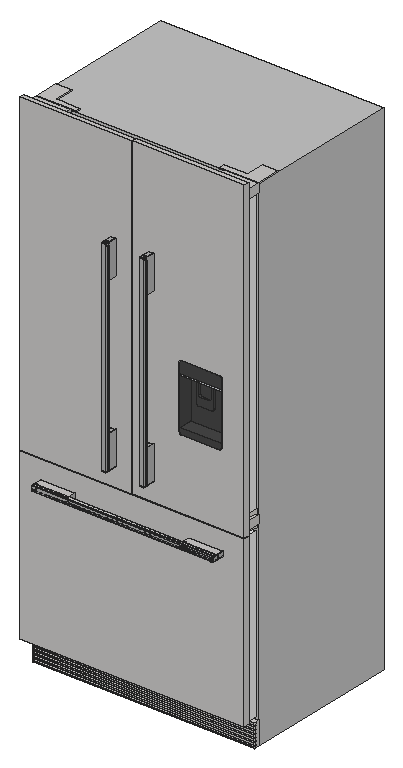
Revit family "FP-Revit20-RS32A72UI-FrenchDoorFridgeFreezer-0-90005071A-US-CA", category Specialty Equipment, Revit 2020
Family settings
  Round Connector Dimension = Use Diameter
  Part Type = Normal
  OmniClass Number = 23.40.40.11.11.17
  OmniClass Title = Refrigerator-Freezer
  Work Plane-Based = No
  Always vertical = Yes
  Cut with Voids When Loaded = Yes
  Shared = No
  Room Calculation Point = No
Parameters
  Visibility - Water Dispenser = yes
  Visibility - Visibility Control Note = no
  Visibility - Clearance Required = no
  URL = "www.fisherpaykel.com"
  Stainless Steel Door Panels (RD80AU) = yes
  Product - Width = 796 mm  # constant formula
  Product - Height = 1825 mm  # constant formula
  Product - Depth = 604 mm  # constant formula
  Model = "RS32A72UI"
  Material - Trim = Fisher & Paykel - Stainless Steel
  Material - Rollers and Feet = Fisher & Paykel - Black
  Material - Door Structure = Fisher & Paykel - White
  Material - Door Front = Fisher & Paykel - Stainless Steel
  Material - Connections = Fisher & Paykel - Black
  Material - Body = Fisher & Paykel - Grey
  Manufacturer = "Fisher & Paykel Appliances"
  Handle Style - Contemporary Square Fine Black (AHD5RD80AB) = yes
  Handle Style - Contemporary Square Fine (AHD5RD80A) = yes
  Handle Style - Contemporary Square (AHD3RS80A) = yes
  Handle Style - Contemporary Round (AHSRS80A) = yes
  Description = "Integrated French Door Refrigerator Freezer, Ice & Water"
  Default Elevation = 0 mm
  Connector Description - Water = "13mm (1/2\") or 19mm (3/4\") BSP threaded water connection 6.35mm LLDPE tubing"
  Connector Description - Electrical = "115 V, 60 Hz, 10 A circuit"
  Chassis - Width = 790 mm  # constant formula
  Chassis - Height = 1788 mm  # constant formula
  Chassis - Depth = 561.4 mm  # constant formula
  Cavity - Width = 813 mm  # constant formula
  Cavity - Height = 1829 mm  # constant formula
  Cavity - Depth = 635 mm  # constant formula
Reference planes
  plane 1 "Center (Front/Back)": y = 0
  plane 2: z = 0
  plane 3 "Center (Left/Right)": x = 0
  plane 4 "Product LHS": x = -398
  plane 5 "Product RHS": x = 398
  plane 6 "Cavity - Depth": y = 635
  plane 7 "Cavity LHS": x = -406.5
  plane 8 "Cavity RHS": x = 406.5
  plane 9 "Product - Depth": y = 622
  plane 10 "Product Height": z = 1825
  plane 11 "Cavity Height": z = 1829
  plane 12 "Datum": y = 18
Forms (mm)
  Extrusion 1, solid, material "Fisher & Paykel - Grey" <- "Material - Body"
    sketch origin (0, 0, 0) x (0, 1, 0) y (0, 0, 1)
      loop
        line (68.89, 6.6) -> (622, 6.6) -> (622, 1794.6) -> (68.89, 1794.6) -> (68.89, 6.6)
    from -395 to 395
  Extrusion 2, solid, material "Fisher & Paykel - Clearance Required", visible <- "Visibility - Clearance Required", detail levels coarse
    sketch origin (0, 0, 0) x (1, 0, 0) y (0, 1, 0)
      loop
        line (-391.179, 0) -> (-526.6, -290.41) -> (-562.852, -273.506) -> (-569.457, -287.67) -> (-533.205, -304.575) -> (-555.656, -352.723)
        arc (-555.656, -352.723) -> (-182.069, -328.236) -> (-1.993, 0) r 389.186
        line (-1.993, 0) -> (-391.179, 0)
      loop
        line (391.179, 0) -> (1.993, 0)
        arc (1.993, 0) -> (182.069, -328.236) -> (555.656, -352.723) r 389.186
        line (555.656, -352.723) -> (533.205, -304.575) -> (569.457, -287.67) -> (562.852, -273.506) -> (526.6, -290.41) -> (391.179, 0)
    from 700.43 to 1825
  Extrusion 3, void
    sketch origin (-955, 0, 0) x (1, 0, 0) y (0, 0, 1)
      loop
        arc (1130.35, 1186.03) -> (1124.693, 1183.687) -> (1122.35, 1178.03) r 8
        line (1122.35, 1178.03) -> (1122.35, 958.43)
        arc (1122.35, 958.43) -> (1124.693, 952.773) -> (1130.35, 950.43) r 8
        line (1130.35, 950.43) -> (1264.85, 950.43)
        arc (1264.85, 950.43) -> (1270.507, 952.773) -> (1272.85, 958.43) r 8
        line (1272.85, 958.43) -> (1272.85, 1178.03)
        arc (1272.85, 1178.03) -> (1270.507, 1183.687) -> (1264.85, 1186.03) r 8
        line (1264.85, 1186.03) -> (1130.35, 1186.03)
    from -54.957 to 0
  Extrusion 4, solid, material "Fisher & Paykel - Black" <- "Material - Rollers and Feet"
    sketch origin (0, 0, -4) x (0, 1, 0) y (0, 0, 1)
      loop
        arc (120.09, 10.6) -> (136.133, 4) -> (152.177, 10.6) r 22.8
        line (152.177, 10.6) -> (120.09, 10.6)
      loop
        arc (555.39, 10.6) -> (571.433, 4) -> (587.477, 10.6) r 22.8
        line (587.477, 10.6) -> (555.39, 10.6)
    from 352 to 379
  Extrusion 5, solid, material "Fisher & Paykel - Clearance Required", visible <- "Visibility - Clearance Required", detail levels coarse
    sketch origin (0, 0, 0) x (0, 1, 0) y (0, 0, 1)
      loop
        line (-0.043, 696.43) -> (-359.921, 696.43) -> (-359.921, 631.801) -> (-401.921, 631.801) -> (-401.921, 615.801) -> (-359.921, 615.801) -> (-359.921, 100.03) -> (-0.043, 100.03) -> (-0.043, 696.43)
    from -406.5 to 406.5
  Extrusion 6, solid, material "Fisher & Paykel - White" <- "Material - Door Structure"
    sketch origin (0, 0, 0) x (1, 0, 0) y (0, 0, 1)
      loop
        line (-7.74, 1764.6) -> (-390.5, 1764.6) -> (-390.5, 763.6) -> (-7.74, 763.6) -> (-7.74, 1764.6)
      loop
        line (7.74, 1764.6) -> (7.74, 763.6) -> (390.5, 763.6) -> (390.5, 1764.6) -> (7.74, 1764.6)
      loop
        line (-390.5, 693.1) -> (-390.5, 101.1) -> (390.5, 101.1) -> (390.5, 693.1) -> (-390.5, 693.1)
    from -60.6 to -18
  Extrusion 7, solid, material "Fisher & Paykel - White" <- "Material - Door Structure"
    sketch origin (0, 0, 0) x (1, 0, 0) y (0, 0, 1)
      loop
        line (-379.6, 685.2) -> (-379.6, 109) -> (379.6, 109) -> (379.6, 685.2) -> (-379.6, 685.2)
      loop
        line (-13.88, 776) -> (-13.88, 1749.7) -> (-379.58, 1749.7) -> (-379.58, 776) -> (-13.88, 776)
      loop
        line (13.88, 776) -> (379.58, 776) -> (379.58, 1749.7) -> (13.88, 1749.7) -> (13.88, 776)
    from -68.89 to -60.552
  Extrusion 8, solid, material "Fisher & Paykel - Stainless Steel" <- "Material - Trim", detail levels fine
    sketch origin (0, -2, 0) x (1, 0, 0) y (0, 1, 0)
      loop
        line (-386.5, 70.89) -> (-379.782, 36.328)
        arc (-379.782, 36.328) -> (-378.745, 34.585) -> (-376.837, 33.9) r 3
        line (-376.837, 33.9) -> (-338.733, 33.9)
        arc (-338.733, 33.9) -> (-336.738, 34.034) -> (-334.779, 34.431) r 15
        line (-334.779, 34.431) -> (-265.032, 53.491) -> (265.032, 53.491) -> (334.779, 34.431)
        arc (334.779, 34.431) -> (336.738, 34.034) -> (338.733, 33.9) r 15
        line (338.733, 33.9) -> (376.837, 33.9)
        arc (376.837, 33.9) -> (378.745, 34.585) -> (379.782, 36.328) r 3
        line (379.782, 36.328) -> (386.5, 70.89) -> (-386.5, 70.89)
    from 696.967 to 759.03
  Extrusion 9, solid, material "Fisher & Paykel - Stainless Steel" <- "Material - Trim", detail levels fine
    sketch origin (0, -2, 0) x (0, 1, 0) y (0, 0, 1)
      loop
        line (20, 762.6) -> (20, 715.3) -> (70.89, 715.3) -> (70.89, 743.6) -> (25, 743.6) -> (25, 762.6) -> (20, 762.6)
    from 272.17 to 395
  Extrusion 10, solid, material "Fisher & Paykel - Stainless Steel" <- "Material - Trim", detail levels fine
    sketch origin (0, -2, 0) x (0, 1, 0) y (0, 0, -1)
      loop
        line (20, -762.6) -> (25, -762.6) -> (25, -743.6) -> (70.89, -743.6) -> (70.89, -715.3) -> (20, -715.3) -> (20, -762.6)
    from 272.17 to 395
  Extrusion 11, solid, material "Fisher & Paykel - Stainless Steel" <- "Material - Trim"
    sketch origin (0, 0, 0) x (1, 0, 0) y (0, 1, 0)
      loop
        line (-272.17, 18) -> (-272.17, 68.89) -> (-395, 68.89) -> (-395, 18) -> (-272.17, 18)
      loop
        line (395, 18) -> (395, 68.89) -> (272.17, 68.89) -> (272.17, 18) -> (395, 18)
    from 1765.6 to 1797.6
  Extrusion 12, solid, material "Fisher & Paykel - Stainless Steel" <- "Material - Trim", detail levels fine
    sketch origin (0, 0, 0) x (1, 0, 0) y (0, 1, 0)
      loop
        line (-395, 154.61) -> (-395, 68.89) -> (-256.45, 68.89) -> (-256.45, 88.11) -> (-339, 88.11) -> (-339, 154.61) -> (-395, 154.61)
      loop
        line (395, 154.61) -> (339, 154.61) -> (339, 88.11) -> (256.45, 88.11) -> (256.45, 68.89) -> (395, 68.89) -> (395, 154.61)
    from 1794.6 to 1797.6
  Extrusion 13, solid, material "Fisher & Paykel - Black" <- "Material - Rollers and Feet", detail levels fine
    sketch origin (0, 0, -4) x (0, 1, 0) y (0, 0, -1)
      loop
        line (120.09, -10.6) -> (152.177, -10.6)
        arc (152.177, -10.6) -> (136.133, -4) -> (120.09, -10.6) r 22.8
      loop
        line (555.39, -10.6) -> (587.477, -10.6)
        arc (587.477, -10.6) -> (571.433, -4) -> (555.39, -10.6) r 22.8
    from 352 to 379
  Extrusion 14, solid, material "Fisher & Paykel - Stainless Steel" <- "Material - Trim", detail levels fine
    sketch origin (0, -2, 0) x (0, 1, 0) y (0, 0, 1)
      loop
        line (24.91, 101.1) -> (24.91, 94.1) -> (50.15, 94.1) -> (50.15, 101.1) -> (24.91, 101.1)
    from -20.67 to 20.7
  Extrusion 15, solid, material "Fisher & Paykel - Stainless Steel" <- "Material - Trim", detail levels fine
    sketch origin (0, -2, 0) x (0, 1, 0) y (0, 0, 1)
      loop
        line (70.89, 90.613) -> (53.491, 85.951) -> (53.491, 81.639) -> (61.43, 81.639) -> (61.43, 75.465) -> (53.491, 73.338) -> (53.491, 69.031) -> (61.43, 69.031) -> (61.43, 62.857) -> (53.491, 60.73) -> (53.491, 56.423) -> (61.43, 56.423) -> (61.43, 50.254) -> (53.491, 48.127) -> (53.491, 43.821) -> (61.43, 43.821) -> (61.43, 37.652) -> (53.491, 35.525) -> (53.491, 31.218) -> (61.43, 31.218) -> (61.43, 25.049) -> (53.491, 22.922) -> (53.491, 18.585) -> (61.43, 18.585) -> (61.43, 12.447) -> (53.491, 10.32) -> (53.491, 6.6) -> (70.89, 6.6) -> (70.89, 90.613)
    from -395 to 395
  Extrusion 16, solid, material "Fisher & Paykel - Stainless Steel" <- "Material - Trim", detail levels coarse+medium
    sketch origin (0, -2, 0) x (0, 1, 0) y (0, 0, 1)
      loop
        line (70.89, 90.613) -> (53.491, 85.951) -> (53.491, 6.6) -> (70.89, 6.6) -> (70.89, 90.613)
    from -395 to 395
  Extrusion 17, void
    sketch origin (0, -2000, 0) x (1, 0, 0) y (0, 1, 0)
      loop
        line (-336, 2622) -> (-336, 2068.89) -> (336, 2068.89) -> (336, 2622) -> (-336, 2622)
    from 6.6 to 56.423
  Extrusion 18, solid, material "Fisher & Paykel - Stainless Steel" <- "Material - Door Front", visible <- "Stainless Steel Door Panels (RD80AU)"
    sketch origin (0, 0, 0) x (1, 0, 0) y (0, 0, 1)
      loop
        line (-398, 696.43) -> (-398, 100.03) -> (398, 100.03) -> (398, 696.43) -> (-398, 696.43)
      loop
        line (-398, 700.43) -> (-2, 700.43) -> (-2, 1822.4) -> (-398, 1822.4) -> (-398, 700.43)
      loop
        line (2, 1822.4) -> (2, 700.43) -> (398, 700.43) -> (398, 1822.4) -> (2, 1822.4)
    from -18 to 0
  Extrusion 19, void
    sketch origin (0, -2, 0) x (1, 0, 0) y (0, 1, 0)
      loop
        arc (395, 57.948) -> (393.695, 54.796) -> (390.543, 53.491) r 4.457
        line (390.543, 53.491) -> (395, 53.491) -> (395, 57.948)
      loop
        line (-395, 57.948) -> (-395, 53.491) -> (-390.543, 53.491)
        arc (-390.543, 53.491) -> (-393.695, 54.796) -> (-395, 57.948) r 4.457
    from 6.6 to 100.03
  Extrusion 20, solid, material "Fisher & Paykel - Clearance Required", visible <- "Visibility - Clearance Required", detail levels coarse
    sketch origin (0, 0, 0) x (1, 0, 0) y (0, 1, 0)
      loop
        line (-406.5, 635) -> (-406.5, 0) -> (406.5, 0) -> (406.5, 635) -> (-406.5, 635)
    from 0 to 1829
  Extrusion 21, void
    sketch origin (0, 0, 0) x (1, 0, 0) y (0, 0, 1)
      loop
        line (253, 70) -> (253, 200) -> (-22, 200) -> (-22, 70) -> (253, 70)
      loop
        circle (203, 135) r 3
      loop
        circle (28, 135) r 3
    from -622 to -619.953
  Extrusion 22, void
    sketch origin (0, 0, 0) x (1, 0, 0) y (0, 1, 0)
      loop
        line (-406.5, 635) -> (-406.5, 0) -> (406.5, 0) -> (406.5, 635) -> (-406.5, 635)
    from 0 to 1829
Cuts and joins
  Extrusion 17, Extrusion 21 cuts Extrusion 1
  Extrusion 3 cuts Extrusion 18
  Extrusion 3 cuts Extrusion 6
  Extrusion 19 cuts Extrusion 15
  Extrusion 19 cuts Extrusion 16
  joined: Extrusion 8, Extrusion 9, Extrusion 10
Lines and regions (mm)
  model lines, style "Fisher & Paykel"
    curve 1: line (-398, 18, 1822.4) -> (-2, 18, 1822.4)
    curve 2: line (-398, 18, 700.43) -> (-398, 18, 1822.4)
    curve 3: line (-2, 18, 700.43) -> (-398, 18, 700.43)
    curve 4: line (-2, 18, 1822.4) -> (-2, 18, 700.43)
    curve 5: line (2, 18, 700.43) -> (398, 18, 700.43)
    curve 6: line (2, 18, 1822.4) -> (2, 18, 700.43)
    curve 7: line (398, 18, 1822.4) -> (2, 18, 1822.4)
    curve 8: line (398, 18, 700.43) -> (398, 18, 1822.4)
    curve 9: line (-398, 18, 696.43) -> (398, 18, 696.43)
    curve 10: line (-398, 18, 100.03) -> (-398, 18, 696.43)
    curve 11: line (398, 18, 100.03) -> (-398, 18, 100.03)
    curve 12: line (398, 18, 696.43) -> (398, 18, 100.03)
Text (mm)
  text "Due to ongoing product development, product details are subject to change without notice. \nPlease always refer to www.fisherpaykel.com for the most current product information. \n© Fisher & Paykel 2020" at (41.04, -521.517, 0), in view "Ref. Level (Plan)"
Dimensions and locks
  equal spacing: plane 4 "Product LHS", plane 3 "Center (Left/Right)", plane 5 "Product RHS"
  "Product - Width": plane 4 "Product LHS" to plane 5 "Product RHS"
  "Cavity - Depth": plane 1 "Center (Front/Back)" to plane 6 "Cavity - Depth"
  equal spacing: plane 7 "Cavity LHS", plane 3 "Center (Left/Right)", plane 8 "Cavity RHS"
  "Cavity - Width": plane 7 "Cavity LHS" to plane 8 "Cavity RHS"
  "Product - Height": level to plane 10 "Product Height"
  "Cavity - Height": plane 11 "Cavity Height" to level
  Extrusion 3 sketch curve to plane 3 "Center (Left/Right)" = 317.85 mm
  Extrusion 3 sketch curve to Extrusion 3 sketch curve = 235.6 mm
  Extrusion 3 sketch curve to level = 950.43 mm
  Extrusion 3 sketch curve to Extrusion 3 sketch curve = 150.5 mm
  "Chassis - Height": Extrusion 1 to Extrusion 1
  nested 1 to Extrusion 1 = 1179.43 mm
  "Chassis - Width": Extrusion 1 to Extrusion 1
  Extrusion 14 to Extrusion 16 = 94.5 mm
  locked: Extrusion 21 to cut or joined group of Extrusion 1, Extrusion 17, Extrusion 21 at 2.047
  locked: plane 1 "Center (Front/Back)" to plane 12 "Datum" at 18
  "Chassis - Depth": cut or joined group of Extrusion 3, Extrusion 6 to plane 9 "Product - Depth"
  "Product - Depth": plane 9 "Product - Depth" to plane 12 "Datum"
  equal spacing: cut or joined group of Extrusion 1, Extrusion 17, Extrusion 21, plane 3 "Center (Left/Right)", cut or joined group of Extrusion 1, Extrusion 17, Extrusion 21  (x2)
  aligned and locked: level to plane 2
  aligned and locked: Extrusion 19 to Extrusion 4
  aligned and locked: cut or joined group of Extrusion 1, Extrusion 17, Extrusion 21 to Extrusion 21
  aligned and locked: Extrusion 20 to level
  aligned and locked: plane 9 "Product - Depth" to Extrusion 1
Automatic sketch dimensions
  plane 1 "Center (Front/Back)" to Extrusion 20 sketch curve = 0 mm
  Extrusion 20 sketch curve to plane 7 "Cavity LHS" = 0 mm
  Extrusion 20 sketch curve to plane 8 "Cavity RHS" = 0 mm
  plane 6 "Cavity - Depth" to Extrusion 20 sketch curve = 0 mm
  plane 1 "Center (Front/Back)" to Extrusion 22 sketch curve = 0 mm
  Extrusion 22 sketch curve to plane 7 "Cavity LHS" = 0 mm
  Extrusion 22 sketch curve to plane 8 "Cavity RHS" = 0 mm
  plane 6 "Cavity - Depth" to Extrusion 22 sketch curve = 0 mm
  Extrusion 1 sketch curve to plane 9 "Product - Depth" = 0 mm
  level to Extrusion 1 sketch curve = 6.6 mm
  Extrusion 1 sketch curve to plane 12 "Datum" = 50.89 mm
  plane 10 "Product Height" to Extrusion 1 sketch curve = 30.4 mm
  plane 1 "Center (Front/Back)" to Extrusion 2 sketch curve = 0 mm  (x2)
  plane 7 "Cavity LHS" to Extrusion 2 sketch curve = 162.957 mm
  Extrusion 2 sketch curve to Extrusion 2 sketch curve = 6.605 mm  (x3)
  Extrusion 2 sketch curve to Extrusion 2 sketch curve = 13.801 mm
  Extrusion 2 sketch curve to Extrusion 2 sketch curve = 36.252 mm  (x2)
  Extrusion 2 sketch curve to plane 4 "Product LHS" = 6.821 mm
  Extrusion 2 sketch curve to Extrusion 2 sketch curve = 0 mm  (x2)
  Extrusion 2 sketch curve to plane 3 "Center (Left/Right)" = 1.993 mm
  plane 3 "Center (Left/Right)" to Extrusion 2 sketch curve = 1.993 mm
  plane 5 "Product RHS" to Extrusion 2 sketch curve = 6.821 mm
  Extrusion 2 sketch curve to plane 8 "Cavity RHS" = 120.1 mm
  plane 1 "Center (Front/Back)" to Extrusion 2 sketch curve = 352.723 mm
  plane 1 "Center (Front/Back)" to Extrusion 2 sketch curve = 287.67 mm
  Extrusion 3 sketch curve to Extrusion 3 sketch curve = 8 mm  (x4)
  level to Extrusion 4 sketch curve = 6.6 mm  (x2)
  Extrusion 4 sketch curve to plane 12 "Datum" = 102.09 mm
  Extrusion 4 sketch curve to Extrusion 4 sketch curve = 16.044 mm  (x2)
  Extrusion 4 sketch curve to plane 9 "Product - Depth" = 66.61 mm
  level to Extrusion 4 sketch curve = 22.8 mm  (x2)
  plane 1 "Center (Front/Back)" to Extrusion 5 sketch curve = 401.921 mm
  Extrusion 5 sketch curve to Extrusion 5 sketch curve = 42 mm
  level to Extrusion 5 sketch curve = 100.03 mm
  plane 1 "Center (Front/Back)" to Extrusion 5 sketch curve = 359.921 mm
  plane 1 "Center (Front/Back)" to Extrusion 5 sketch curve = 0.043 mm
  Extrusion 5 sketch curve to Extrusion 5 sketch curve = 515.771 mm
  Extrusion 5 sketch curve to Extrusion 5 sketch curve = 16 mm
  Extrusion 5 sketch curve to Extrusion 5 sketch curve = 64.629 mm
  Extrusion 6 sketch curve to plane 4 "Product LHS" = 7.5 mm  (x2)
  Extrusion 6 sketch curve to plane 3 "Center (Left/Right)" = 7.74 mm
  plane 3 "Center (Left/Right)" to Extrusion 6 sketch curve = 7.74 mm
  plane 5 "Product RHS" to Extrusion 6 sketch curve = 7.5 mm  (x2)
  level to Extrusion 6 sketch curve = 101.1 mm
  Extrusion 6 sketch curve to Extrusion 6 sketch curve = 592 mm
  Extrusion 6 sketch curve to Extrusion 6 sketch curve = 70.5 mm
  Extrusion 6 sketch curve to Extrusion 6 sketch curve = 0 mm
  plane 10 "Product Height" to Extrusion 6 sketch curve = 60.4 mm  (x2)
  Extrusion 7 sketch curve to plane 4 "Product LHS" = 18.4 mm
  Extrusion 7 sketch curve to plane 4 "Product LHS" = 18.42 mm
  Extrusion 7 sketch curve to plane 3 "Center (Left/Right)" = 13.88 mm
  plane 3 "Center (Left/Right)" to Extrusion 7 sketch curve = 13.88 mm
  plane 5 "Product RHS" to Extrusion 7 sketch curve = 18.42 mm
  plane 5 "Product RHS" to Extrusion 7 sketch curve = 18.4 mm
  level to Extrusion 7 sketch curve = 109 mm
  Extrusion 7 sketch curve to Extrusion 7 sketch curve = 576.2 mm
  Extrusion 7 sketch curve to Extrusion 7 sketch curve = 90.8 mm
  Extrusion 7 sketch curve to Extrusion 7 sketch curve = 0 mm  (x2)
  plane 10 "Product Height" to Extrusion 7 sketch curve = 75.3 mm
  Extrusion 8 sketch curve to plane 4 "Product LHS" = 11.5 mm
  Extrusion 8 sketch curve to plane 4 "Product LHS" = 18.218 mm
  Extrusion 8 sketch curve to Extrusion 8 sketch curve = 2.945 mm  (x2)
  Extrusion 8 sketch curve to plane 12 "Datum" = 13.9 mm
  Extrusion 8 sketch curve to Extrusion 8 sketch curve = 38.104 mm
  Extrusion 8 sketch curve to plane 12 "Datum" = 14.431 mm  (x2)
  Extrusion 8 sketch curve to Extrusion 8 sketch curve = 3.954 mm  (x2)
  Extrusion 8 sketch curve to plane 12 "Datum" = 33.491 mm
  Extrusion 8 sketch curve to Extrusion 8 sketch curve = 69.747 mm
  plane 5 "Product RHS" to Extrusion 8 sketch curve = 132.968 mm
  plane 5 "Product RHS" to Extrusion 8 sketch curve = 63.221 mm
  plane 5 "Product RHS" to Extrusion 8 sketch curve = 21.163 mm
  plane 5 "Product RHS" to Extrusion 8 sketch curve = 11.5 mm
  Extrusion 8 sketch curve to plane 1 "Center (Front/Back)" = 31.9 mm
  Extrusion 8 sketch curve to Extrusion 8 sketch curve = 2.428 mm  (x2)
  Extrusion 8 sketch curve to Extrusion 8 sketch curve = 34.562 mm
  Extrusion 9 sketch curve to plane 12 "Datum" = 0 mm
  Extrusion 9 sketch curve to Extrusion 9 sketch curve = 5 mm
  Extrusion 9 sketch curve to Extrusion 9 sketch curve = 50.89 mm
  level to Extrusion 9 sketch curve = 715.3 mm
  Extrusion 9 sketch curve to Extrusion 9 sketch curve = 28.3 mm
  Extrusion 9 sketch curve to Extrusion 9 sketch curve = 19 mm
  Extrusion 10 sketch curve to plane 12 "Datum" = 0 mm
  Extrusion 10 sketch curve to Extrusion 10 sketch curve = 5 mm
  Extrusion 10 sketch curve to Extrusion 10 sketch curve = 50.89 mm
  level to Extrusion 10 sketch curve = 762.6 mm
  Extrusion 10 sketch curve to Extrusion 10 sketch curve = 19 mm
  Extrusion 10 sketch curve to Extrusion 10 sketch curve = 28.3 mm
  Extrusion 11 sketch curve to plane 4 "Product LHS" = 3 mm
  plane 12 "Datum" to Extrusion 11 sketch curve = 0 mm  (x2)
  Extrusion 11 sketch curve to plane 12 "Datum" = 50.89 mm  (x2)
  Extrusion 11 sketch curve to plane 4 "Product LHS" = 125.83 mm
  plane 5 "Product RHS" to Extrusion 11 sketch curve = 125.83 mm
  plane 5 "Product RHS" to Extrusion 11 sketch curve = 3 mm
  Extrusion 12 sketch curve to plane 4 "Product LHS" = 3 mm
  plane 5 "Product RHS" to Extrusion 12 sketch curve = 3 mm
  Extrusion 12 sketch curve to plane 4 "Product LHS" = 59 mm
  Extrusion 12 sketch curve to Extrusion 12 sketch curve = 82.55 mm
  Extrusion 12 sketch curve to plane 12 "Datum" = 50.89 mm  (x2)
  plane 5 "Product RHS" to Extrusion 12 sketch curve = 141.55 mm
  plane 5 "Product RHS" to Extrusion 12 sketch curve = 59 mm
  Extrusion 12 sketch curve to Extrusion 12 sketch curve = 19.22 mm  (x2)
  Extrusion 12 sketch curve to Extrusion 12 sketch curve = 66.5 mm  (x2)
  level to Extrusion 13 sketch curve = 6.6 mm  (x2)
  Extrusion 13 sketch curve to plane 12 "Datum" = 102.09 mm
  Extrusion 13 sketch curve to Extrusion 13 sketch curve = 16.044 mm  (x2)
  Extrusion 13 sketch curve to plane 9 "Product - Depth" = 66.61 mm
  level to Extrusion 13 sketch curve = 22.8 mm  (x2)
  Extrusion 14 sketch curve to plane 12 "Datum" = 4.91 mm
  Extrusion 14 sketch curve to Extrusion 14 sketch curve = 25.24 mm
  level to Extrusion 14 sketch curve = 94.1 mm
  Extrusion 14 sketch curve to Extrusion 14 sketch curve = 7 mm
  Extrusion 15 sketch curve to plane 12 "Datum" = 33.491 mm  (x3)
  level to Extrusion 15 sketch curve = 6.6 mm
  Extrusion 15 sketch curve to Extrusion 15 sketch curve = 0 mm  (x8)
  Extrusion 15 sketch curve to Extrusion 15 sketch curve = 7.939 mm  (x2)
  Extrusion 15 sketch curve to Extrusion 15 sketch curve = 9.46 mm
  Extrusion 15 sketch curve to Extrusion 15 sketch curve = 3.72 mm
  Extrusion 15 sketch curve to Extrusion 15 sketch curve = 2.127 mm
  Extrusion 15 sketch curve to Extrusion 15 sketch curve = 8.266 mm
  Extrusion 15 sketch curve to Extrusion 15 sketch curve = 4.337 mm
  Extrusion 15 sketch curve to Extrusion 15 sketch curve = 6.464 mm
  Extrusion 15 sketch curve to Extrusion 15 sketch curve = 6.169 mm  (x3)
  Extrusion 15 sketch curve to Extrusion 15 sketch curve = 4.306 mm  (x4)
  Extrusion 15 sketch curve to Extrusion 15 sketch curve = 6.433 mm  (x4)
  Extrusion 15 sketch curve to Extrusion 15 sketch curve = 6.175 mm  (x2)
  Extrusion 15 sketch curve to Extrusion 15 sketch curve = 4.312 mm
  Extrusion 15 sketch curve to Extrusion 15 sketch curve = 8.974 mm
  Extrusion 16 sketch curve to plane 12 "Datum" = 33.491 mm
  level to Extrusion 16 sketch curve = 6.6 mm
  Extrusion 16 sketch curve to Extrusion 16 sketch curve = 17.399 mm
  Extrusion 16 sketch curve to Extrusion 16 sketch curve = 79.351 mm
  Extrusion 16 sketch curve to Extrusion 16 sketch curve = 4.662 mm
  Extrusion 17 sketch curve to plane 9 "Product - Depth" = 0 mm
  Extrusion 17 sketch curve to plane 4 "Product LHS" = 62 mm
  plane 5 "Product RHS" to Extrusion 17 sketch curve = 62 mm
  Extrusion 17 sketch curve to plane 12 "Datum" = 50.89 mm
  plane 4 "Product LHS" to Extrusion 18 sketch curve = 0 mm  (x2)
  plane 5 "Product RHS" to Extrusion 18 sketch curve = 0 mm  (x2)
  Extrusion 18 sketch curve to plane 3 "Center (Left/Right)" = 2 mm
  plane 3 "Center (Left/Right)" to Extrusion 18 sketch curve = 2 mm
  level to Extrusion 18 sketch curve = 100.03 mm
  Extrusion 18 sketch curve to Extrusion 18 sketch curve = 596.4 mm
  Extrusion 18 sketch curve to Extrusion 18 sketch curve = 4 mm
  Extrusion 18 sketch curve to Extrusion 18 sketch curve = 0 mm
  plane 10 "Product Height" to Extrusion 18 sketch curve = 2.6 mm  (x2)
  Extrusion 19 sketch curve to plane 4 "Product LHS" = 3 mm
  plane 5 "Product RHS" to Extrusion 19 sketch curve = 3 mm
  Extrusion 19 sketch curve to plane 4 "Product LHS" = 7.457 mm
  plane 5 "Product RHS" to Extrusion 19 sketch curve = 7.457 mm
  Extrusion 19 sketch curve to plane 12 "Datum" = 33.491 mm  (x2)
  level to Extrusion 21 sketch curve = 70 mm
  Extrusion 21 sketch curve to plane 3 "Center (Left/Right)" = 22 mm
  Extrusion 21 sketch curve to Extrusion 21 sketch curve = 50 mm
  plane 5 "Product RHS" to Extrusion 21 sketch curve = 195 mm
  plane 5 "Product RHS" to Extrusion 21 sketch curve = 145 mm
  Extrusion 21 sketch curve to Extrusion 21 sketch curve = 65 mm  (x3)
  plane 4 "Product LHS" to curve 1 = 0 mm
  plane 5 "Product RHS" to curve 8 = 0 mm
  plane 4 "Product LHS" to curve 9 = 0 mm
  plane 5 "Product RHS" to curve 9 = 0 mm
  plane 10 "Product Height" to curve 1 = 2.6 mm
  plane 10 "Product Height" to curve 8 = 2.6 mm
  level to curve 5 = 700.43 mm
  curve 4 to plane 3 "Center (Left/Right)" = 2 mm
  curve 4 to curve 5 = 0 mm
  curve 2 to curve 9 = 4 mm
  level to curve 11 = 100.03 mm
  plane 3 "Center (Left/Right)" to curve 7 = 2 mm
  radius of Extrusion 21 sketch curve = 3 mm  (x2)
Nested families
  nested 1: "F&P Water Dispenser" at (242.6, 0, 950.43), visible <- "Visibility - Water Dispenser", type "F&P Water Dispenser"
  nested 2: "Comment Marker 2D" at (0, -315.48, 0), visible <- "Visibility - Visibility Control Note", type "Active"
  nested 3: "F&P Handle Kit - Contemporary Round - Horizontal" at (0, -0.043, 623.802), visible <- "Handle Style - Contemporary Round (AHSRS80A)", type "AHSRS80A - Contemporary round handle (2 of 2) (Horizontal) 646mm"
  nested 4: "F&P Handle Kit - Contemporary Round - Vertical" at (-67.3, -0.043, 1128.5), visible <- "Handle Style - Contemporary Round (AHSRS80A)", type "AHSRS80A - Contemporary round handle (1 of 2) (Vertical) 727mm"
  nested 5: "F&P Handle Kit - Contemporary Square - Horizontal" at (0, -0.043, 623.802), visible <- "Handle Style - Contemporary Square (AHD3RS80A)", type "AHD3RS80A - Contemporary square handle (2 of 2) (Horizontal) 646mm"
  nested 6: "F&P Handle Kit - Contemporary Square - Vertical" at (-67.3, -0.043, 1128.5), visible <- "Handle Style - Contemporary Square (AHD3RS80A)", type "AHD3RS80A - Contemporary square handle (1 of 2) (Vertical) 727mm"
  nested 7: "F&P Handle Kit - Contemporary Square - Vertical" at (67.3, -0.043, 1128.5), visible <- "Handle Style - Contemporary Square (AHD3RS80A)", type "AHD3RS80A - Contemporary square handle (1 of 2) (Vertical) 727mm"
  nested 8: "F&P Handle Kit - Contemporary Round - Vertical" at (67.3, -0.043, 1128.5), visible <- "Handle Style - Contemporary Round (AHSRS80A)", type "AHSRS80A - Contemporary round handle (1 of 2) (Vertical) 727mm"
  nested 9: "F&P Handle Kit - Contemporary Square Fine - Horizontal" at (0, 0, 623.802), visible <- "Handle Style - Contemporary Square Fine (AHD5RD80A)", type "AHD5RD80A - Contemporary square fine handle (2 of 2) (Horizontal) 646mm"
  nested 10: "F&P Handle Kit - Contemporary Square Fine - Vertical" at (67.3, 0, 1128.5), visible <- "Handle Style - Contemporary Square Fine (AHD5RD80A)", type "AHD5RD80A - Contemporary square fine handle (1 of 2) (Vertical) 727mm"
  nested 11: "F&P Handle Kit - Contemporary Square Fine - Horizontal" at (0, 0, 623.802), visible <- "Handle Style - Contemporary Square Fine Black (AHD5RD80AB)", type "AHD5RD80AB - Contemporary square fine black handle (2 of 2) (Horizontal) 646mm"
  nested 12: "F&P Handle Kit - Contemporary Square Fine - Vertical" at (67.3, 0, 1128.5), visible <- "Handle Style - Contemporary Square Fine Black (AHD5RD80AB)", type "AHD5RD80AB - Contemporary square fine black handle (1 of 2) (Vertical) 727mm"
  nested 13: "F&P Handle Kit - Contemporary Square Fine - Vertical" at (-67.3, 0, 1128.5), visible <- "Handle Style - Contemporary Square Fine (AHD5RD80A)", type "AHD5RD80A - Contemporary square fine handle (1 of 2) (Vertical) 727mm"
  nested 14: "F&P Handle Kit - Contemporary Square Fine - Vertical" at (-67.3, 0, 1128.5), visible <- "Handle Style - Contemporary Square Fine Black (AHD5RD80AB)", type "AHD5RD80AB - Contemporary square fine black handle (1 of 2) (Vertical) 727mm"
Connectors
  electrical at (28, 622, 135), driven by "Connector Description - Electrical"
    settings: on cut or joined group of Extrusion 1, Extrusion 17, Extrusion 21, index 3, voltage 230 V, apparent load 0 VA, apparent load phase1 0 VA, apparent load phase2 0 VA, apparent load phase3 0 VA, power factor 1, load classification "Other", number of poles 1, system type 30, power factor state 1, is connector primary yes, connector utility no, sub classification motor no, connector description "115 V, 60 Hz, 10 A circuit"
  piping at (203, 619.953, 135), diameter 6, driven by "Connector Description - Water"
    settings: on cut or joined group of Extrusion 1, Extrusion 17, Extrusion 21, index 4, connector inside diameter 609.6 mm, connector length 0 mm, flow factor 0, pipe flow 0.0 L/s, pressure drop 0.0 Pa, fitting loss kfactor 0, connector angle 0.00°, fixture units 0, engagement length 0 mm, angle of deflection 0.00°, flow configuration 0, flow direction 1, fitting loss method 0, system type 20, joint type 0, gender type 0, connector reference index -1, connector utility 0, adjustable connector no, is connector primary yes, connector description "13mm (1/2\") or 19mm (3/4\") BSP threaded water connection 6.35mm LLDPE tubing"
Definition of nested family "F&P Water Dispenser"
  Parameters (values of type "F&P Water Dispenser")
    URL = "www.fisherpaykel.com"
    Material - Trim = none
    Material - Body = none
    Manufacturer = "Fisher & Paykel Appliances"
    Default Elevation = 0 mm
    Connector Description - Water = ""
    Connector Description - Electrical = ""
  Reference planes
    plane 1 "Center (Front/Back)": y = 0
    plane 2: z = 0
    plane 3 "Center (Left/Right)": x = 0
  Forms (mm)
    Extrusion 1, solid, material <- "Material - Body"
      sketch origin (0, 0, 0) x (1, 0, 0) y (0, 0, 1)
        loop
          arc (-67.25, 235.6) -> (-72.907, 233.257) -> (-75.25, 227.6) r 8
          line (-75.25, 227.6) -> (-75.25, 8)
          arc (-75.25, 8) -> (-72.907, 2.343) -> (-67.25, 0) r 8
          line (-67.25, 0) -> (67.25, 0)
          arc (67.25, 0) -> (72.907, 2.343) -> (75.25, 8) r 8
          line (75.25, 8) -> (75.25, 227.609)
          arc (75.25, 227.609) -> (72.909, 233.259) -> (67.259, 235.6) r 7.991
          line (67.259, 235.6) -> (-67.25, 235.6)
        loop
          line (-74.25, 192.6) -> (-74.25, 20) -> (74.25, 20) -> (74.25, 192.6) -> (-74.25, 192.6)
      from -55 to 0
    Extrusion 2, solid, material <- "Material - Trim", detail levels fine
      sketch origin (0, 0, 0) x (1, 0, 0) y (0, 0, 1)
        loop
          line (-74.25, 192.6) -> (-74.25, 187.1) -> (74.25, 187.1) -> (74.25, 192.6) -> (-74.25, 192.6)
      from -55 to 0
    Extrusion 3, solid, material <- "Material - Body"
      sketch origin (0, 0, 0) x (1, 0, 0) y (0, 0, 1)
        loop
          line (-74.25, 187.1) -> (-74.25, 20) -> (74.25, 20) -> (74.25, 187.1) -> (-74.25, 187.1)
      from -55 to -50
    Extrusion 4, solid, material <- "Material - Body", detail levels fine
      sketch origin (0, 0, 0) x (1, 0, 0) y (0, 0, 1)
        loop
          line (-30, 187.1) -> (-30, 105.1)
          arc (-30, 105.1) -> (-27.657, 99.443) -> (-22, 97.1) r 8
          line (-22, 97.1) -> (22, 97.1)
          arc (22, 97.1) -> (27.657, 99.443) -> (30, 105.1) r 8
          line (30, 105.1) -> (30, 187.1) -> (23.5, 187.1) -> (23.5, 134.1)
          arc (23.5, 134.1) -> (21.157, 128.443) -> (15.5, 126.1) r 8
          line (15.5, 126.1) -> (-15.5, 126.1)
          arc (-15.5, 126.1) -> (-21.157, 128.443) -> (-23.5, 134.1) r 8
          line (-23.5, 134.1) -> (-23.5, 187.1) -> (-30, 187.1)
      from -27.6 to -21.6
    Extrusion 5, solid, material <- "Material - Body", detail levels fine
      sketch origin (0, 0, 0) x (1, 0, 0) y (0, 1, 0)
        loop
          circle (0, 24.6) r 7.5
      from 179.1 to 187.1
  Dimensions and locks
    aligned and locked: level to plane 2
Definition of nested family "F&P Handle Kit - Contemporary Round - Horizontal"
  Parameters (values of type "25374 AHS-ASBI-A - Contemporary round handle (2 of 2) (Horizontal) 746mm")
    URL = "www.fisherpaykel.com"
    Product - Width = 746 mm
    Model = ""
    Material - Handle = none
    Manufacturer = "Fisher & Paykel Appliances"
    Description = "Kit for RS36"
    Default Elevation = 0 mm
  Types (9, lengths in mm): name | Product - Width | Description
    (no name) | 746 | "Kit for RS36"
    AHSRD2484W - Contemporary round handle (2 of 2) (Horizontal) 494mm | 494 | ""
    AHSRD3084W - Contemporary round handle (2 of 2) (Horizontal) 646mm | 646 | ""
    AHSRS3272A - Contemporary round handle (2 of 2) (Horizontal) 646mm | 646 | ""
    AHSRS80A - Contemporary round handle (2 of 2) (Horizontal) 646mm | 646 | ""
    AHSRD6121W - Contemporary round handle (2 of 2) (Horizontal) 494mm | 494 | ""
    AHSRD7621W - Contemporary round handle (2 of 2) (Horizontal) 646mm | 646 | ""
    25374 AHS-ASBI-A - Contemporary round handle (2 of 2) (Horizontal) 746mm | 746 | "Kit for RS36"
    25329 AHS-ASBI-A - Contemporary round handle (2 of 2) (Horizontal) 746mm | 746 | "Kit for RS90"
  Reference planes
    plane 1 "Center (Front/Back)": y = 0
    plane 2: z = 0
    plane 3 "Center (Left/Right)": x = 0
    plane 4 "Product LHS": x = -373
    plane 5 "Product RHS": x = 373
    plane 6 "LHS Standoff": x = -252.995
    plane 7 "RHS Standoff": x = 253.005
  Forms (mm)
    Extrusion 1, solid, material <- "Material - Handle"
      sketch origin (0, 0, 0) x (0, 1, 0) y (0, 0, 1)
        loop
          circle (-32.3, 0) r 8.7
      from -252.995 to 253.005
    Extrusion 2, solid, material <- "Material - Handle", detail levels fine
      sketch origin (0, 0, 0) x (0, 1, 0) y (0, 0, 1)
        loop
          line (0, 8.7) -> (-32.3, 8.7)
          arc (-32.3, 8.7) -> (-41, 0) -> (-32.3, -8.7) r 8.7
          line (-32.3, -8.7) -> (0, -8.7) -> (0, 8.7)
      from 253.005 to 373
    Extrusion 3, solid, material <- "Material - Handle", detail levels fine
      sketch origin (0, 0, 0) x (0, 1, 0) y (0, 0, -1)
        loop
          line (0, -8.7) -> (0, 8.7) -> (-32.3, 8.7)
          arc (-32.3, 8.7) -> (-41, 0) -> (-32.3, -8.7) r 8.7
          line (-32.3, -8.7) -> (0, -8.7)
      from 252.995 to 373
    Sweep 4, void
      path in 3D
        loop
          line (373, 0, 8.7) -> (373, -32.3, 8.7)
          arc (373, -32.3, 8.7) -> (373, -41, 0) -> (373, -32.3, -8.7) r 8.7
          line (373, -32.3, -8.7) -> (373, 0, -8.7)
      profile origin (373, -16.15, 8.7) x (1, 0, 0) y (0, 0, 1)
        loop
          line (0, 0) -> (-1, 0) -> (0, -1) -> (0, 0)
    Sweep 5, void
      path in 3D
        loop
          line (-373, 0, -8.7) -> (-373, -32.3, -8.7)
          arc (-373, -32.3, -8.7) -> (-373, -41, 0) -> (-373, -32.3, 8.7) r 8.7
          line (-373, -32.3, 8.7) -> (-373, 0, 8.7)
      profile origin (-373, -16.15, 8.7) x (-1, 0, 0) y (0, 0, 1)
        loop
          line (0, 0) -> (-1, 0) -> (0, -1) -> (0, 0)
    Extrusion 6, solid, material <- "Material - Handle", detail levels coarse+medium
      sketch origin (0, 0, 0) x (0, 1, 0) y (0, 0, 1)
        loop
          line (0, 8.7) -> (-32.3, 8.7)
          arc (-32.3, 8.7) -> (-41, 0) -> (-32.3, -8.7) r 8.7
          line (-32.3, -8.7) -> (0, -8.7) -> (0, 8.7)
      from 253.005 to 373
    Extrusion 7, solid, material <- "Material - Handle", detail levels coarse+medium
      sketch origin (0, 0, 0) x (0, 1, 0) y (0, 0, -1)
        loop
          line (0, -8.7) -> (0, 8.7) -> (-32.3, 8.7)
          arc (-32.3, 8.7) -> (-41, 0) -> (-32.3, -8.7) r 8.7
          line (-32.3, -8.7) -> (0, -8.7)
      from 252.995 to 373
  Cuts and joins
    Sweep 4 cuts Extrusion 2
    Sweep 5 cuts Extrusion 3
  Lines and regions (mm)
    sketch lines
      curve 1: line (373, 0, 8.7) -> (373, -32.3, 8.7)
      curve 2: arc (373, -32.3, -8.7) -> (373, -41, 0) -> (373, -32.3, 8.7) r 8.7
      curve 3: line (373, -32.3, -8.7) -> (373, 0, -8.7)
      curve 4: line (-373, -32.3, 8.7) -> (-373, 0, 8.7)
      curve 5: arc (-373, -32.3, 8.7) -> (-373, -41, 0) -> (-373, -32.3, -8.7) r 8.7
      curve 6: line (-373, 0, -8.7) -> (-373, -32.3, -8.7)
  Dimensions and locks
    equal spacing: plane 4 "Product LHS", plane 3 "Center (Left/Right)", plane 5 "Product RHS"
    "Product - Width": plane 4 "Product LHS" to plane 5 "Product RHS"
    locked: plane 4 "Product LHS" to plane 6 "LHS Standoff" at 120.005
    locked: plane 7 "RHS Standoff" to plane 5 "Product RHS" at 119.995
    equal spacing: Extrusion 2 sketch curve, level, Extrusion 2 sketch curve
    Extrusion 3 sketch curve to Extrusion 3 sketch curve = 17.4 mm
    Extrusion 6 sketch curve to Extrusion 6 sketch curve = 17.4 mm
    Extrusion 7 sketch curve to Extrusion 7 sketch curve = 17.4 mm
    aligned and locked: level to plane 2
    aligned and locked: plane 7 "RHS Standoff" to Extrusion 1
    aligned and locked: Extrusion 2 to Extrusion 1
    aligned and locked: Extrusion 2 to plane 5 "Product RHS"
    aligned and locked: plane 4 "Product LHS" to Extrusion 3
    aligned and locked: plane 6 "LHS Standoff" to Extrusion 3
    aligned and locked: Extrusion 1 to plane 6 "LHS Standoff"
    aligned and locked: Extrusion 6 to Extrusion 1
    aligned and locked: Extrusion 6 to plane 5 "Product RHS"
    aligned and locked: plane 4 "Product LHS" to Extrusion 7
    aligned and locked: Extrusion 7 to Extrusion 1
  Automatic sketch dimensions
    Extrusion 1 sketch curve to level = 0 mm
    plane 1 "Center (Front/Back)" to Extrusion 1 sketch curve = 32.3 mm
    Extrusion 2 sketch curve to plane 1 "Center (Front/Back)" = 0 mm
    Extrusion 2 sketch curve to level = 8.7 mm
    plane 1 "Center (Front/Back)" to Extrusion 2 sketch curve = 32.3 mm
    Extrusion 3 sketch curve to level = 0 mm
    Extrusion 3 sketch curve to plane 1 "Center (Front/Back)" = 0 mm
    Extrusion 3 sketch curve to level = 8.7 mm
    plane 1 "Center (Front/Back)" to Extrusion 3 sketch curve = 32.3 mm
    Sweep 4 sketch curve to profile plane = 0 mm
    profile plane to Sweep 4 sketch curve = 0 mm
    profile plane to Sweep 4 sketch curve = 1 mm
    Sweep 4 sketch curve to profile plane = 1 mm
    Sweep 5 sketch curve to profile plane = 0 mm  (x2)
    profile plane to Sweep 5 sketch curve = 1 mm
    Sweep 5 sketch curve to profile plane = 1 mm
    Extrusion 6 sketch curve to level = 0 mm
    level to Extrusion 6 sketch curve = 8.7 mm
    plane 1 "Center (Front/Back)" to Extrusion 6 sketch curve = 32.3 mm
    Extrusion 6 sketch curve to Extrusion 6 sketch curve = 32.3 mm
    Extrusion 7 sketch curve to level = 0 mm
    level to Extrusion 7 sketch curve = 8.7 mm
    plane 1 "Center (Front/Back)" to Extrusion 7 sketch curve = 32.3 mm
    Extrusion 7 sketch curve to Extrusion 7 sketch curve = 32.3 mm
    radius of Extrusion 1 sketch curve = 8.7 mm
Definition of nested family "F&P Handle Kit - Contemporary Round - Vertical"
  Parameters (values of type "25374 AHS-ASBI-A - Contemporary round handle (1 of 2) (Vertical) 727mm")
    URL = "www.fisherpaykel.com"
    Material - Handle = none
    Manufacturer = "Fisher & Paykel Appliances"
    Handle - Length = 727 mm
    Description = "Kit for RS36"
    Default Elevation = 0 mm
  Types (10, lengths in mm): name | Handle - Length | Description
    AHS-RD21 - Contemporary round handle (Vertical) 852mm | 852 | ""
    AHSRD2484W - Contemporary round handle (1 of 2) (Vertical) 727mm | 727 | ""
    AHSRD3084W - Contemporary round handle (1 of 2) (Vertical) 727mm | 727 | ""
    AHS-RD84 - Contemporary round handle (Vertical) 852mm | 852 | ""
    AHSRS3272A - Contemporary round handle (1 of 2) (Vertical) 727mm | 727 | ""
    AHSRS80A - Contemporary round handle (1 of 2) (Vertical) 727mm | 727 | ""
    AHSRD6121W - Contemporary round handle (1 of 2) (Vertical) 727mm | 727 | ""
    AHSRD7621W - Contemporary round handle (1 of 2) (Vertical) 727mm | 727 | ""
    25329 AHS-ASBI-A - Contemporary round handle (1 of 2) (Vertical) 727mm | 727 | "Kit for RS90"
    25374 AHS-ASBI-A - Contemporary round handle (1 of 2) (Vertical) 727mm | 727 | "Kit for RS36"
  Reference planes
    plane 1 "Center (Front/Back)": y = 0
    plane 2: z = 0
    plane 3 "Center (Left/Right)": x = 0
    plane 4 "Top": z = 363.5
    plane 5 "Bottom": z = -363.5
    plane 6 "Top Standoff": z = 243.5
    plane 7 "Bottom Standoff": z = -243.5
  Forms (mm)
    Extrusion 1, solid, material <- "Material - Handle"
      sketch origin (0, 0, 0) x (1, 0, 0) y (0, 1, 0)
        loop
          circle (0, -32.3) r 8.7
      from -243.5 to 243.5
    Extrusion 2, solid, material <- "Material - Handle", detail levels fine
      sketch origin (0, 0, 0) x (1, 0, 0) y (0, 1, 0)
        loop
          line (-8.7, 0) -> (-8.7, -32.3)
          arc (-8.7, -32.3) -> (0, -41) -> (8.7, -32.3) r 8.7
          line (8.7, -32.3) -> (8.7, 0) -> (-8.7, 0)
      from 243.5 to 363.5
    Extrusion 3, solid, material <- "Material - Handle", detail levels fine
      sketch origin (0, 0, 0) x (1, 0, 0) y (0, 1, 0)
        loop
          line (-8.7, 0) -> (-8.7, -32.3)
          arc (-8.7, -32.3) -> (0, -41) -> (8.7, -32.3) r 8.7
          line (8.7, -32.3) -> (8.7, 0) -> (-8.7, 0)
      from -363.5 to -243.5
    Sweep 4, void
      path in 3D
        loop
          line (8.7, 0, -363.5) -> (8.7, -32.3, -363.5)
          arc (8.7, -32.3, -363.5) -> (0, -41, -363.5) -> (-8.7, -32.3, -363.5) r 8.7
          line (-8.7, -32.3, -363.5) -> (-8.7, 0, -363.5)
      profile origin (8.7, -16.15, -363.5) x (-1, 0, 0) y (0, 0, -1)
        loop
          line (0, 0) -> (0, -1) -> (1, 0) -> (0, 0)
    Sweep 5, void
      path in 3D
        loop
          line (-8.7, 0, 363.5) -> (-8.7, -32.3, 363.5)
          arc (-8.7, -32.3, 363.5) -> (0, -41, 363.5) -> (8.7, -32.3, 363.5) r 8.7
          line (8.7, -32.3, 363.5) -> (8.7, 0, 363.5)
      profile origin (8.7, -16.15, 363.5) x (-1, 0, 0) y (0, 0, 1)
        loop
          line (0, 0) -> (0, -1) -> (1, 0) -> (0, 0)
    Extrusion 6, solid, material <- "Material - Handle", detail levels coarse+medium
      sketch origin (0, 0, 0) x (1, 0, 0) y (0, 1, 0)
        loop
          line (-8.7, 0) -> (-8.7, -32.3)
          arc (-8.7, -32.3) -> (0, -41) -> (8.7, -32.3) r 8.7
          line (8.7, -32.3) -> (8.7, 0) -> (-8.7, 0)
      from 243.5 to 363.5
    Extrusion 7, solid, material <- "Material - Handle", detail levels coarse+medium
      sketch origin (0, 0, 0) x (1, 0, 0) y (0, 1, 0)
        loop
          line (-8.7, 0) -> (-8.7, -32.3)
          arc (-8.7, -32.3) -> (0, -41) -> (8.7, -32.3) r 8.7
          line (8.7, -32.3) -> (8.7, 0) -> (-8.7, 0)
      from -363.5 to -243.5
  Cuts and joins
    Sweep 4 cuts Extrusion 3
    Sweep 5 cuts Extrusion 2
  Lines and regions (mm)
    sketch lines
      curve 1: line (8.7, 0, -363.5) -> (8.7, -32.3, -363.5)
      curve 2: arc (-8.7, -32.3, -363.5) -> (0, -41, -363.5) -> (8.7, -32.3, -363.5) r 8.7
      curve 3: line (-8.7, -32.3, -363.5) -> (-8.7, 0, -363.5)
      curve 4: line (8.7, -32.3, 363.5) -> (8.7, 0, 363.5)
      curve 5: arc (8.7, -32.3, 363.5) -> (0, -41, 363.5) -> (-8.7, -32.3, 363.5) r 8.7
      curve 6: line (-8.7, 0, 363.5) -> (-8.7, -32.3, 363.5)
  Dimensions and locks
    equal spacing: plane 4 "Top", level, plane 5 "Bottom"
    "Handle - Length": plane 4 "Top" to plane 5 "Bottom"
    locked: plane 4 "Top" to plane 6 "Top Standoff" at 120
    locked: plane 7 "Bottom Standoff" to plane 5 "Bottom" at 120
    Extrusion 2 sketch curve to Extrusion 2 sketch curve = 17.4 mm
    Extrusion 3 sketch curve to Extrusion 3 sketch curve = 17.4 mm
    Extrusion 6 sketch curve to Extrusion 6 sketch curve = 17.4 mm
    Extrusion 7 sketch curve to Extrusion 7 sketch curve = 17.4 mm
    aligned and locked: level to plane 2
    aligned and locked: plane 4 "Top" to Extrusion 2
    aligned and locked: Extrusion 3 to plane 5 "Bottom"
    aligned and locked: plane 7 "Bottom Standoff" to Extrusion 3
    aligned and locked: Extrusion 1 to plane 7 "Bottom Standoff"
    aligned and locked: plane 6 "Top Standoff" to Extrusion 1
    aligned and locked: Extrusion 2 to Extrusion 1
    aligned and locked: Extrusion 6 to Extrusion 1
    aligned and locked: plane 4 "Top" to Extrusion 6
    aligned and locked: Extrusion 7 to Extrusion 1
    aligned and locked: Extrusion 7 to plane 5 "Bottom"
  Automatic sketch dimensions
    Extrusion 1 sketch curve to plane 3 "Center (Left/Right)" = 0 mm
    plane 1 "Center (Front/Back)" to Extrusion 1 sketch curve = 32.3 mm
    plane 1 "Center (Front/Back)" to Extrusion 2 sketch curve = 0 mm
    Extrusion 2 sketch curve to plane 3 "Center (Left/Right)" = 0 mm
    Extrusion 2 sketch curve to plane 3 "Center (Left/Right)" = 8.7 mm
    plane 1 "Center (Front/Back)" to Extrusion 2 sketch curve = 32.3 mm
    plane 1 "Center (Front/Back)" to Extrusion 3 sketch curve = 0 mm
    Extrusion 3 sketch curve to plane 3 "Center (Left/Right)" = 0 mm
    Extrusion 3 sketch curve to plane 3 "Center (Left/Right)" = 8.7 mm
    plane 1 "Center (Front/Back)" to Extrusion 3 sketch curve = 32.3 mm
    Sweep 4 sketch curve to profile plane = 0 mm  (x2)
    Sweep 4 sketch curve to profile plane = 1 mm  (x2)
    Sweep 5 sketch curve to profile plane = 0 mm  (x2)
    Sweep 5 sketch curve to profile plane = 1 mm  (x2)
    Extrusion 6 sketch curve to plane 3 "Center (Left/Right)" = 0 mm
    Extrusion 6 sketch curve to plane 3 "Center (Left/Right)" = 8.7 mm
    plane 1 "Center (Front/Back)" to Extrusion 6 sketch curve = 32.3 mm
    Extrusion 6 sketch curve to Extrusion 6 sketch curve = 32.3 mm
    Extrusion 7 sketch curve to plane 3 "Center (Left/Right)" = 0 mm
    Extrusion 7 sketch curve to plane 3 "Center (Left/Right)" = 8.7 mm
    plane 1 "Center (Front/Back)" to Extrusion 7 sketch curve = 32.3 mm
    Extrusion 7 sketch curve to Extrusion 7 sketch curve = 32.3 mm
    radius of Extrusion 1 sketch curve = 8.7 mm
Definition of nested family "F&P Handle Kit - Contemporary Square - Horizontal"
  Parameters (values of type "RS90A - Contemporary square handle (2 of 2) (Horizontal) 746mm")
    URL = "www.fisherpaykel.com"
    Material - Handle = none
    Manufacturer = "Fisher & Paykel Appliances"
    Handle - Length = 746 mm
    Default Elevation = 0 mm
  Types (9, lengths in mm): name | Handle - Length
    (no name) | 746
    AHD3RD2484W - Contemporary square handle (2 of 2) (Horizontal) 494mm | 494
    AHD3RD3084W - Contemporary square handle (2 of 2) (Horizontal) 646mm | 646
    AHD3RS3272A - Contemporary square handle (2 of 2) (Horizontal) 646mm | 646
    AHD3RS80A - Contemporary square handle (2 of 2) (Horizontal) 646mm | 646
    AHD3RD6121W - Contemporary square handle (2 of 2) (Horizontal) 494mm | 494
    AHD3RD7621W - Contemporary square handle (2 of 2) (Horizontal) 646mm | 646
    RS36A - Contemporary square handle (2 of 2) (Horizontal) 746mm | 746
    RS90A - Contemporary square handle (2 of 2) (Horizontal) 746mm | 746
  Reference planes
    plane 1 "Center (Front/Back)": y = 0
    plane 2: z = 0
    plane 3 "Center (Left/Right)": x = 0
    plane 4 "Product LHS": x = -373
    plane 5 "Product RHS": x = 373
    plane 6 "LHS Standoff": x = -252.995
    plane 7 "RHS Standoff": x = 253.005
  Forms (mm)
    Extrusion 1, solid, material <- "Material - Handle", detail levels fine
      sketch origin (0, 0, 0) x (0, 1, 0) y (0, 0, 1)
        loop
          arc (-28.701, 7.561) -> (-29.057, 7.868) -> (-29.514, 7.978) r 1
          line (-29.514, 7.978) -> (-40.5, 7.978)
          arc (-40.5, 7.978) -> (-41.561, 7.539) -> (-42, 6.478) r 1.5
          line (-42, 6.478) -> (-42, -6.522)
          arc (-42, -6.522) -> (-41.561, -7.583) -> (-40.5, -8.022) r 1.5
          line (-40.5, -8.022) -> (-29.487, -8.022)
          arc (-29.487, -8.022) -> (-29.029, -7.911) -> (-28.673, -7.602) r 1
          arc (-28.673, -7.602) -> (-26.256, -0.016) -> (-28.701, 7.561) r 13.038
      from -373 to 373
    Extrusion 2, solid, material <- "Material - Handle", detail levels fine
      sketch origin (0, 0, 0) x (0, 1, 0) y (0, 0, 1)
        loop
          arc (-28.23, 7.062) -> (-26.156, 0.008) -> (-28.198, -7.056) r 13.136
          arc (-28.198, -7.056) -> (-28.21, -7.463) -> (-27.86, -7.67) r 0.4
          line (-27.86, -7.67) -> (0, -7.67) -> (0, 7.678) -> (-27.893, 7.678)
          arc (-27.893, 7.678) -> (-28.244, 7.47) -> (-28.23, 7.062) r 0.4
      from 253.005 to 373
    Extrusion 3, solid, material <- "Material - Handle", detail levels fine
      sketch origin (0, 0, 0) x (0, 1, 0) y (0, 0, -1)
        loop
          arc (-28.23, -7.062) -> (-28.244, -7.47) -> (-27.893, -7.678) r 0.4
          line (-27.893, -7.678) -> (0, -7.678) -> (0, 7.67) -> (-27.86, 7.67)
          arc (-27.86, 7.67) -> (-28.21, 7.463) -> (-28.198, 7.056) r 0.4
          arc (-28.198, 7.056) -> (-26.156, -0.008) -> (-28.23, -7.062) r 13.136
      from 252.995 to 373
    Sweep 4, void
      path in 3D
        loop
          line (373, -29.514, 7.978) -> (373, -40.5, 7.978)
          arc (373, -40.5, 7.978) -> (373, -41.561, 7.539) -> (373, -42, 6.478) r 1.5
          line (373, -42, 6.478) -> (373, -42, -6.522)
          arc (373, -42, -6.522) -> (373, -41.561, -7.583) -> (373, -40.5, -8.022) r 1.5
          line (373, -40.5, -8.022) -> (373, -29.487, -8.022)
      profile origin (373, -35.007, 7.978) x (1, 0, 0) y (0, 0, 1)
        loop
          line (0, 0) -> (-1.3, 0) -> (0, -1.3) -> (0, 0)
    Sweep 5, void
      path in 3D
        loop
          line (-373, -29.487, -8.022) -> (-373, -40.5, -8.022)
          arc (-373, -40.5, -8.022) -> (-373, -41.561, -7.583) -> (-373, -42, -6.522) r 1.5
          line (-373, -42, -6.522) -> (-373, -42, 6.478)
          arc (-373, -42, 6.478) -> (-373, -41.561, 7.539) -> (-373, -40.5, 7.978) r 1.5
          line (-373, -40.5, 7.978) -> (-373, -29.514, 7.978)
      profile origin (-373, -35.007, 7.978) x (-1, 0, 0) y (0, 0, 1)
        loop
          line (0, 0) -> (-1.3, 0) -> (0, -1.3) -> (0, 0)
    Extrusion 6, void
      sketch origin (0, 0, 0) x (1, 0, 0) y (0, 0, 1)
        loop
          line (373, 7.978) -> (371.7, 7.978) -> (373, 6.678) -> (373, 7.978)
        loop
          line (373, -8.022) -> (373, -6.722) -> (371.7, -8.022) -> (373, -8.022)
      from 0 to 40
    Extrusion 7, void
      sketch origin (0, 0, 0) x (1, 0, 0) y (0, 0, 1)
        loop
          line (-373, 7.978) -> (-373, 6.678) -> (-371.7, 7.978) -> (-373, 7.978)
        loop
          line (-373, -8.022) -> (-371.7, -8.022) -> (-373, -6.722) -> (-373, -8.022)
      from 0 to 40
    Extrusion 8, solid, material <- "Material - Handle", detail levels coarse+medium
      sketch origin (0, 0, 0) x (1, 0, 0) y (0, 1, 0)
        loop
          line (-373, -42) -> (373, -42) -> (373, 0) -> (253.005, 0) -> (253.005, -26.156) -> (-252.995, -26.156) -> (-252.995, 0) -> (-373, 0) -> (-373, -42)
      from -8.022 to 7.978
  Cuts and joins
    Sweep 4, Sweep 5, Extrusion 6, Extrusion 7 cuts Extrusion 1
    Extrusion 6 cuts Extrusion 2
    Extrusion 7 cuts Extrusion 3
  Lines and regions (mm)
    sketch lines
      curve 1: line (373, -29.514, 7.978) -> (373, -40.5, 7.978)
      curve 2: arc (373, -42, 6.478) -> (373, -41.561, 7.539) -> (373, -40.5, 7.978) r 1.5
      curve 3: line (373, -42, 6.478) -> (373, -42, -6.522)
      curve 4: arc (373, -40.5, -8.022) -> (373, -41.561, -7.583) -> (373, -42, -6.522) r 1.5
      curve 5: line (373, -40.5, -8.022) -> (373, -29.487, -8.022)
      curve 6: line (-373, -40.5, 7.978) -> (-373, -29.514, 7.978)
      curve 7: arc (-373, -40.5, 7.978) -> (-373, -41.561, 7.539) -> (-373, -42, 6.478) r 1.5
      curve 8: line (-373, -42, -6.522) -> (-373, -42, 6.478)
      curve 9: arc (-373, -42, -6.522) -> (-373, -41.561, -7.583) -> (-373, -40.5, -8.022) r 1.5
      curve 10: line (-373, -29.487, -8.022) -> (-373, -40.5, -8.022)
  Dimensions and locks
    equal spacing: plane 4 "Product LHS", plane 3 "Center (Left/Right)", plane 5 "Product RHS"
    "Handle - Length": plane 4 "Product LHS" to plane 5 "Product RHS"
    locked: plane 4 "Product LHS" to plane 6 "LHS Standoff" at 120.005
    locked: plane 7 "RHS Standoff" to plane 5 "Product RHS" at 119.995
    aligned and locked: level to plane 2
    aligned and locked: Extrusion 1 to plane 5 "Product RHS"
    aligned and locked: plane 4 "Product LHS" to Extrusion 1
    aligned and locked: Extrusion 2 to plane 5 "Product RHS"
    aligned and locked: plane 4 "Product LHS" to Extrusion 3
    aligned and locked: plane 4 "Product LHS" to Extrusion 8 sketch curve
    aligned and locked: Extrusion 8 sketch curve to plane 5 "Product RHS"
    aligned and locked: Extrusion 8 sketch curve to plane 7 "RHS Standoff"
    aligned and locked: plane 6 "LHS Standoff" to Extrusion 8 sketch curve
    aligned and locked: Extrusion 2 to plane 7 "RHS Standoff"
    aligned and locked: plane 6 "LHS Standoff" to Extrusion 3
  Automatic sketch dimensions
    Extrusion 1 sketch curve to level = 6.522 mm
    plane 1 "Center (Front/Back)" to Extrusion 1 sketch curve = 42 mm
    Extrusion 1 sketch curve to Extrusion 1 sketch curve = 1.5 mm  (x2)
    Extrusion 1 sketch curve to level = 0.04 mm
    Extrusion 1 sketch curve to Extrusion 1 sketch curve = 1.206 mm
    level to Extrusion 1 sketch curve = 6.978 mm
    Extrusion 1 sketch curve to Extrusion 1 sketch curve = 10.986 mm
    Extrusion 1 sketch curve to Extrusion 1 sketch curve = 11.013 mm
    Extrusion 1 sketch curve to Extrusion 1 sketch curve = 1 mm
    level to Extrusion 1 sketch curve = 6.478 mm
    Extrusion 1 sketch curve to Extrusion 1 sketch curve = 0 mm
    Extrusion 2 sketch curve to plane 1 "Center (Front/Back)" = 0 mm
    Extrusion 2 sketch curve to level = 7.67 mm
    Extrusion 2 sketch curve to Extrusion 2 sketch curve = 27.86 mm
    level to Extrusion 2 sketch curve = 7.678 mm
    Extrusion 2 sketch curve to Extrusion 2 sketch curve = 0.033 mm
    Extrusion 2 sketch curve to level = 0.022 mm
    Extrusion 2 sketch curve to Extrusion 2 sketch curve = 11.398 mm
    Extrusion 2 sketch curve to Extrusion 2 sketch curve = 0.4 mm  (x2)
    Extrusion 2 sketch curve to Extrusion 2 sketch curve = 0 mm
    Extrusion 3 sketch curve to plane 1 "Center (Front/Back)" = 0 mm
    Extrusion 3 sketch curve to level = 7.67 mm
    Extrusion 3 sketch curve to Extrusion 3 sketch curve = 27.86 mm
    level to Extrusion 3 sketch curve = 7.678 mm
    Extrusion 3 sketch curve to Extrusion 3 sketch curve = 0.033 mm
    Extrusion 3 sketch curve to level = 0.022 mm
    Extrusion 3 sketch curve to Extrusion 3 sketch curve = 11.398 mm
    Extrusion 3 sketch curve to Extrusion 3 sketch curve = 0.4 mm  (x2)
    Extrusion 3 sketch curve to Extrusion 3 sketch curve = 0 mm
    profile plane to Sweep 4 sketch curve = 0 mm
    Sweep 4 sketch curve to profile plane = 0 mm
    Sweep 4 sketch curve to profile plane = 1.3 mm
    profile plane to Sweep 4 sketch curve = 1.3 mm
    Sweep 5 sketch curve to profile plane = 0 mm  (x2)
    profile plane to Sweep 5 sketch curve = 1.3 mm
    Sweep 5 sketch curve to profile plane = 1.3 mm
    plane 5 "Product RHS" to Extrusion 6 sketch curve = 0 mm  (x2)
    Extrusion 6 sketch curve to Extrusion 6 sketch curve = 1.3 mm  (x4)
    Extrusion 6 sketch curve to level = 6.722 mm
    level to Extrusion 6 sketch curve = 6.678 mm
    plane 4 "Product LHS" to Extrusion 7 sketch curve = 0 mm  (x2)
    Extrusion 7 sketch curve to plane 4 "Product LHS" = 1.3 mm  (x2)
    Extrusion 7 sketch curve to level = 8.022 mm
    level to Extrusion 7 sketch curve = 6.678 mm
    Extrusion 7 sketch curve to Extrusion 7 sketch curve = 1.3 mm  (x2)
    plane 1 "Center (Front/Back)" to Extrusion 8 sketch curve = 0 mm  (x2)
    Extrusion 8 sketch curve to Extrusion 8 sketch curve = 26.156 mm
    Extrusion 8 sketch curve to Extrusion 8 sketch curve = 42 mm
Definition of nested family "F&P Handle Kit - Contemporary Square - Vertical"
  Parameters (values of type "RS90A - Contemporary square handle (1 of 2) (Vertical) 727mm")
    URL = "www.fisherpaykel.com"
    Material - Handle = none
    Manufacturer = "Fisher & Paykel Appliances"
    Handle - Length = 727 mm
    Default Elevation = 0 mm
  Types (11, lengths in mm): name | Handle - Length
    (no name) | 727
    AHD3-RD21 - Contemporary square handle (Vertical) 852mm | 852
    AHD3RD2484W - Contemporary square handle (1 of 2) (Vertical) 727mm | 727
    AHD3RD3084W - Contemporary square handle (1 of 2) (Vertical) 727mm | 727
